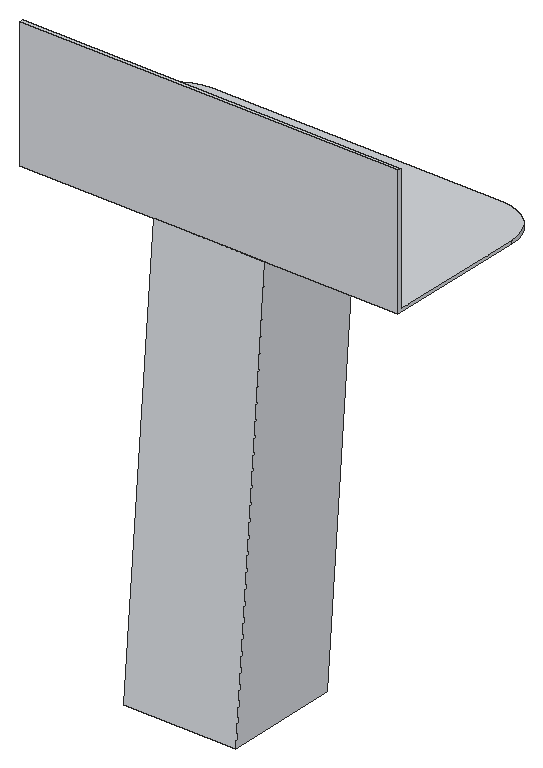
Revit family "Viking Roofspec Scupper 02 M15", category Pipe Fittings, host Face, Revit 2021
Family settings
  Host = Face
  Round Connector Dimension = Use Diameter
  Part Type = Cap
  Cut with Voids When Loaded = Yes
  Shared = No
Parameters (values of type "Scuppers - 100mm x 100mm A")
  URL = "www.vikingroofspec.co.nz"
  Type Comments = "Viking Roofspec 100x100mm TPO scupper STP602, installed as per manufacturers instructions."
  Model = "STP602"
  Material = Viking Roofspec - Rubber/PVC White
  Manufacturer = "Viking Roofspec"  # constant formula
  Leg Cut Offset = 0 mm
  Leg Length Specified [instance] = 389 mm
  Leg Cut Width = 100 mm
  Leg Cut Height = 100 mm
  Flange Cut Width = 5 mm
  Flange Cut Length = 5 mm
  Default Elevation = 0 mm
  Component = STP602 : STP602
Reference planes
  plane 1 "Center (Front/Back)": y = 0
  plane 2: z = 0
  plane 3 "Center (Left/Right)": x = 0
  plane 4 "Pipe Connector": z = -116.857
  plane 5: x = -50
  plane 6: x = 50
  plane 7: y = -1.6
  plane 8: y = 98.4
  plane 9: y = -1.6
Forms (mm)
  Extrusion 1, void
    sketch origin (0, 0, 0) x (0, 1, 0) y (0, 0, 1)
      loop
        line (98.4, 0) -> (-1.6, 0) -> (-35.633, -389) -> (64.367, -389) -> (98.4, 0)
    from -50 to 50
  Extrusion 2, void
    sketch origin (0, 0, 0) x (1, 0, 0) y (0, 0, 1)
      loop
        line (-2.5, 5) -> (-2.5, 0) -> (2.5, 0) -> (2.5, 5) -> (-2.5, 5)
    from 0 to 1.6
Lines and regions (mm)
  reference lines
    curve 1: line (0, 98.4, -389) -> (0, -1.6, -389)
Dimensions and locks
  locked: host face to plane 4 "Pipe Connector" at 116.857
  "Leg Length Specified": plane 2 to curve 1
  equal spacing: plane 5, plane 3 "Center (Left/Right)", plane 6
  "Leg Cut Width": plane 5 to plane 6
  "Leg Cut Offset": plane 9 to plane 7
  "Leg Cut Height": plane 7 to plane 8
  locked: plane 9 to plane 1 "Center (Front/Back)" at 1.6
  equal spacing: Extrusion 2 sketch curve, plane 3 "Center (Left/Right)", Extrusion 2 sketch curve
  "Flange Cut Width": Extrusion 2 sketch curve to Extrusion 2 sketch curve
  "Flange Cut Length": Extrusion 2 sketch curve to host face
  locked: Extrusion 1 sketch curve to level (angle 95.00°)  (x2)
  aligned and locked: plane 2 to host face
  aligned and locked: level to host face
  aligned and locked: level to Extrusion 1 sketch curve
  aligned and locked: plane 7 to Extrusion 1 sketch curve
  aligned and locked: plane 8 to Extrusion 1 sketch curve
  aligned and locked: Extrusion 1 sketch curve to level
  aligned and locked: curve 1 to Extrusion 1 sketch curve
  aligned and locked: plane 8 to curve 1
  aligned and locked: plane 7 to curve 1
  aligned and locked: Extrusion 2 to level
  aligned and locked: plane 6 to Extrusion 1
  aligned and locked: Extrusion 1 to plane 5
Automatic sketch dimensions
  host sketch curve to host sketch curve = 2438.4 mm  (x2)
  Extrusion 2 sketch curve to level = 0 mm
Nested families
  nested 1: "STP602" at (0, -0.006, 0), Leg Length Specified <- "Leg Length Specified", Material <- "Material", type <- "Component", type "STP602"
    with Real Leg Length 389 mm, Material Viking Roofspec - Rubber/PVC White, Leg Length Specified 389 mm
Definition of nested family "STP602"
  Parameters (values of type "STP602")
    Real Leg Length [instance] = if(Leg Length Specified < 100 mm, 100 mm, if(Leg Length Specified > 491 mm, 491 mm, Leg Length Specified))  # 491 mm
    Material [instance] = none
    Manufacturer = "Viking Roofspec"  # constant formula
    Leg Length Specified [instance] = 491 mm
    Default Elevation = 1219.2 mm
  Reference planes
    plane 1 "Center (Front/Back)": y = 0
    plane 2: z = 0
    plane 3 "Center (Left/Right)": x = 0
    plane 4: z = -491
  Forms (mm)
    Extrusion 1, solid, material <- "Material"
      sketch origin (0, 0.006, -0.006) x (0, 0, -1) y (0, 1, 0)
        loop
          line (-119.006, -3) -> (0, -3) -> (0, 168.4) -> (-3, 168.4) -> (-3, 0) -> (-119.006, 0) -> (-119.006, -3)
      from -175 to 175
    Extrusion 2, solid, material <- "Material"
      sketch origin (0, 0.006, -0.006) x (0, 0, -1) y (0, 1, 0)
        loop
          line (0, 102.892) -> (0, -3.011) -> (490.994, -45.967) -> (490.994, 59.936) -> (0, 102.892)
      from -51.6 to 51.6
    Extrusion 3, void
      sketch origin (0, 0.006, -0.006) x (0, 0, -1) y (0, 1, 0)
        loop
          line (490.994, -42.956) -> (490.994, 56.924) -> (-1.224, 99.988) -> (-9.861, 99.988) -> (-9.861, -0.012) -> (0.147, -0.012) -> (490.994, -42.956)
      from -50 to 50
    Extrusion 4, void
      sketch origin (-19.513, -137.674, 0) x (1, 0, 0) y (0, 1, 0)
        loop
          line (194.513, 266.08) -> (219.513, 266.08) -> (219.513, 341.08) -> (154.513, 341.08) -> (154.513, 306.08)
          arc (154.513, 306.08) -> (182.797, 294.364) -> (194.513, 266.08) r 40
        loop
          arc (-155.487, 266.08) -> (-143.771, 294.364) -> (-115.487, 306.08) r 40
          line (-115.487, 306.08) -> (-115.487, 341.08) -> (-180.487, 341.08) -> (-180.487, 266.08) -> (-155.487, 266.08)
      from -10 to 10
  Cuts and joins
    Extrusion 3, Extrusion 4 cuts Extrusion 1
    Extrusion 3 cuts Extrusion 2
  Dimensions and locks
    "Real Leg Length": level to plane 4
    plane 1 "Center (Front/Back)" to Extrusion 2 sketch curve = 102.898 mm
    plane 1 "Center (Front/Back)" to Extrusion 3 sketch curve = 99.994 mm
    locked: Extrusion 2 sketch curve to level (angle 95.00°)
    locked: level to Extrusion 2 sketch curve (angle 85.00°)
    locked: Extrusion 3 sketch curve to level (angle 95.00°)
    locked: level to Extrusion 3 sketch curve (angle 85.00°)
    aligned and locked: level to plane 2
    aligned and locked: plane 4 to Extrusion 2
  Automatic sketch dimensions
    plane 1 "Center (Front/Back)" to Extrusion 1 sketch curve = 2.994 mm
    level to Extrusion 1 sketch curve = 2.994 mm
    Extrusion 1 sketch curve to level = 0.006 mm
    Extrusion 1 sketch curve to Extrusion 1 sketch curve = 3 mm
    Extrusion 3 sketch curve to level = 0.153 mm
    level to Extrusion 3 sketch curve = 1.218 mm
    level to Extrusion 3 sketch curve = 9.854 mm
    plane 1 "Center (Front/Back)" to Extrusion 3 sketch curve = 0.006 mm
    Extrusion 1 sketch curve to Extrusion 1 sketch curve = 116.006 mm
    Extrusion 1 sketch curve to plane 1 "Center (Front/Back)" = 168.406 mm
    plane 4 to Extrusion 3 sketch curve = 0 mm
    plane 4 to Extrusion 2 sketch curve = 0 mm
    Extrusion 2 sketch curve to level = 0.006 mm
    plane 1 "Center (Front/Back)" to Extrusion 2 sketch curve = 3.005 mm
    Extrusion 4 sketch curve to plane 3 "Center (Left/Right)" = 200 mm
    Extrusion 4 sketch curve to Extrusion 4 sketch curve = 25 mm
    Extrusion 4 sketch curve to Extrusion 4 sketch curve = 65 mm  (x2)
    plane 3 "Center (Left/Right)" to Extrusion 4 sketch curve = 135 mm
    Extrusion 4 sketch curve to Extrusion 4 sketch curve = 40 mm
    Extrusion 4 sketch curve to plane 1 "Center (Front/Back)" = 128.406 mm  (x2)
    Extrusion 4 sketch curve to Extrusion 4 sketch curve = 35 mm  (x2)
